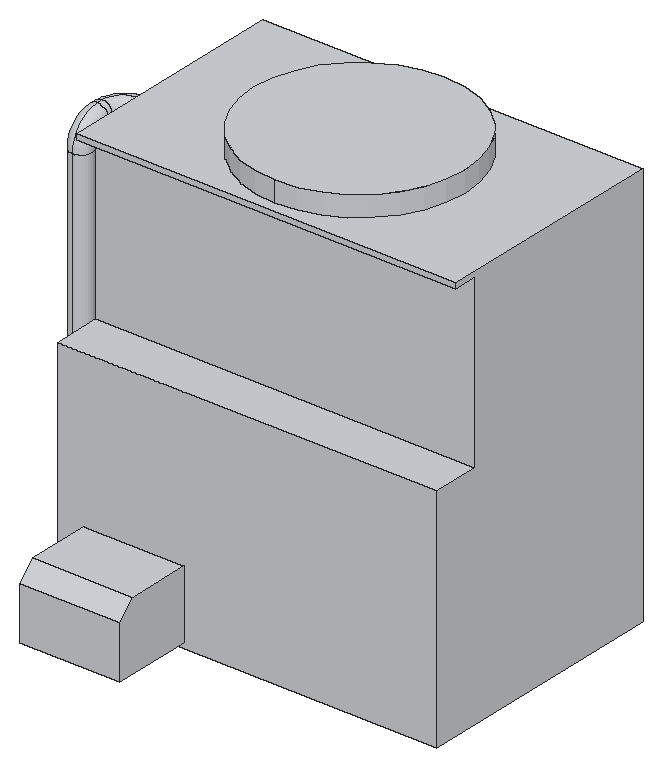
Revit family "M_Torre de resfriamento - Circuito fechado - Contra fluxo - 11-62 kW", category Equipamento mecânico, Revit 2019
Family settings
  Cota do conector redondo = Usar raio
  Tipo de parte = Normal
  Número OmniClass = 23.75.10.37.11
  Título OmniClass = Mechanical-Draft Cooling Towers
  ID de item do Seek = Cooling Tower - Closed Circuit - Counterflow - 11-62 kW-0000-CAN-ENU
  Com base no plano de trabalho = Não
  Sempre na vertical = Sim
  Corte com vazios quando carregada = Não
  Compartilhado = Não
  Ponto de cálculo do ambiente = Não
Parameters (values of type "11 kW")
  Voltagem = 460 V
  Visível 2 = no
  Visível 1 = yes
  Material da torre = none
  Comprimento da torre = 1825 mm
  Altura da torre = 2050 mm
  Queda de pressão da água composta [instance] = 0.0 Pa
  Classificação de carga = Refrigeração
  Queda de pressão da água da refrigeração [instance] = 138000.0 Pa
  Número de pólos = 3
  Número de ventiladores = 1
  Comprimento do motor = 385 mm
  HP do motor = 5.75
  Fluxo de água composto [instance] = 0.05 * Fluxo da água da refrigeração / 100  # 0.003785 L/s
  Raio da água composta = 25 mm
  Diâmetro da água composta = 2 * Raio da água composta  # 50 mm
  Comprimento 2 = Comprimento da torre / 3  # 608.333 mm
  Comprimento 1 = 330 mm
  Perda de calor [instance] = 10800 W
  Fluxo de ar do ventilador [instance] = 5710.0 L/s
  Raio da drenagem = 50 mm
  Diâmetro da drenagem = Raio da drenagem * 2  # 100 mm
  Distância 1 = 300 mm
  Raio da água da refrigeração = Diâmetro da água da refrigeração / 2  # 50 mm
  Fluxo da água da refrigeração [instance] = 7.57 L/s
  Diâmetro da água da refrigeração = 100 mm
  C1 Deslocamento 1 = 580 mm
  Carga aparente = 3600 VA
Types (14, lengths in mm): name | Visível 2 | Visível 1 | Comprimento da torre | Altura da torre | Queda de pressão da água da refrigeração | Número de ventiladores | Comprimento do motor | HP do motor | Fluxo de água composto | Comprimento 2 | Comprimento 1 | Perda de calor | Fluxo de ar do ventilador | Distância 1 | Fluxo da água da refrigeração | C1 Deslocamento 1 | Carga aparente
  (no name) | no | yes | 1825 | 2050 | 138000.0 Pa | 1 | 385 | 5.75 | 0.003785 L/s | 608.333 | 330 | 10800 W | 5710.0 L/s | 300 | 7.57 L/s | 580 | 3600 VA
  27 kW | yes | no | 2720 | 2430 | 172000.0 Pa | 2 | 380 | 11 | 0.0057 L/s | 906.667 | 330 | 27000 W | 9060.0 L/s | 495 | 11.4 L/s | 580 | 6890 VA
  30 kW | yes | no | 3650 | 2240 | 207000.0 Pa | 2 | 485 | 11.5 | 0.00775 L/s | 1216.667 | 380 | 30200 W | 11200.0 L/s | 495 | 15.5 L/s | 580 | 7200 VA
  31 kW | yes | no | 2720 | 2620 | 172000.0 Pa | 2 | 380 | 11 | 0.0057 L/s | 906.667 | 330 | 30500 W | 8870.0 L/s | 495 | 11.4 L/s | 580 | 6890 VA
  36 kW | yes | no | 3650 | 2430 | 207000.0 Pa | 2 | 485 | 16.5 | 0.00775 L/s | 1216.667 | 380 | 36300 W | 12300.0 L/s | 495 | 15.5 L/s | 580 | 10300 VA
  41 kW | yes | no | 3650 | 2620 | 207000.0 Pa | 2 | 485 | 16.5 | 0.00775 L/s | 1216.667 | 380 | 41000 W | 12400.0 L/s | 495 | 15.5 L/s | 580 | 10300 VA
  45 kW | yes | yes | 5485 | 2240 | 241000.0 Pa | 3 | 485 | 17 | 0.0115 L/s | 1828.333 | 300 | 45400 W | 16900.0 L/s | 875 | 23.0 L/s | 580 | 10700 VA
  55 kW | yes | yes | 5485 | 2430 | 241000.0 Pa | 3 | 485 | 22 | 0.0115 L/s | 1828.333 | 300 | 55000 W | 18200.0 L/s | 875 | 23.0 L/s | 580 | 13800 VA
  62 kW | yes | yes | 5485 | 2620 | 241000.0 Pa | 3 | 485 | 22 | 0.0115 L/s | 1828.333 | 300 | 61800 W | 17800.0 L/s | 875 | 23.0 L/s | 580 | 1380000 VA
  11 kW | no | yes | 1825 | 2050 | 138000.0 Pa | 1 | 385 | 5.75 | 0.003785 L/s | 608.333 | 330 | 10800 W | 5710.0 L/s | 300 | 7.57 L/s | 580 | 3600 VA
  15 kW | no | yes | 1825 | 2240 | 138000.0 Pa | 1 | 380 | 5.75 | 0.003785 L/s | 608.333 | 330 | 14700 W | 5620.0 L/s | 300 | 7.57 L/s | 600 | 3600 VA
  18 kW | no | yes | 1825 | 2430 | 138000.0 Pa | 1 | 380 | 5.75 | 0.003785 L/s | 608.333 | 330 | 17900 W | 5520.0 L/s | 300 | 7.57 L/s | 630 | 3600 VA
  20 kW | no | yes | 1825 | 2620 | 138000.0 Pa | 1 | 380 | 8.25 | 0.003785 L/s | 608.333 | 330 | 19900 W | 6180.0 L/s | 300 | 7.57 L/s | 660 | 5170 VA
  22 kW | yes | no | 2725 | 2240 | 172000.0 Pa | 2 | 380 | 8.5 | 0.0057 L/s | 908.333 | 330 | 22300 W | 8400.0 L/s | 495 | 11.4 L/s | 580 | 5330 VA
Reference planes
  plane 1 "Centro (Frente/Trás)": y = 0
  plane 2: z = 0
  plane 3 "Centro (Esquerda/Direita)": x = 0
  plane 4: y = 1235.075
  plane 5: x = 1825
  plane 6: z = 2050
  plane 7: z = 1104.9
  plane 8: z = 1926.175
  plane 9: z = 1951.575
  plane 10: y = 228.6
  plane 11: y = 114.3
  plane 12: x = 127
  plane 13: x = 608.333
  plane 14: y = -385
  plane 15: z = 25.4
  plane 16: z = 127
  plane 17: z = 76.2
  plane 18: z = 228.6
  plane 19: z = 279.4
  plane 20: z = 431.8
  plane 21: z = 609.6
  plane 22: z = 355.6
  plane 23 "1": y = 1133.475
  plane 24: y = 736.6
  plane 25: x = -50.8
  plane 26: x = -330
  plane 27 "2": x = -228.4
  plane 28: x = -126.8
  plane 29: y = 655.075
  plane 30: y = 426.475
  plane 31: y = 528.075
  plane 32: z = 457.2
  plane 33 "3": z = 1773.775
  plane 34: z = 1672.175
  plane 35: y = 674.687
  plane 36: y = 553.475
  plane 37: z = 1282.7
  plane 38: z = 1582.7
  plane 39: x = 456.25
  plane 40: x = 912.5
  plane 41: x = 1368.75
  plane 42: z = 977.9
  plane 43: x = 1698
  plane 44: z = 836.083
  plane 45: z = 694.267
  plane 46: z = 552.45
  plane 47: z = 410.633
  plane 48: z = 268.817
  plane 49: y = -308.8
  plane 50: z = 663.575
  plane 51: y = 1285.875
Forms (mm)
  Extrusion 1, solid, material <- "Material da torre"
    sketch origin (0, 0, 0) x (0, 1, 0) y (0, 0, 1)
      loop
        line (1235.075, 1951.575) -> (114.3, 1951.575) -> (114.3, 1926.175) -> (228.6, 1926.175) -> (228.6, 1104.9) -> (0, 1104.9) -> (0, 0) -> (1235.075, 0) -> (1235.075, 1951.575)
    from 1825 to 0
  Extrusion 2, solid, material <- "Material da torre", detail levels medium+fine
    sketch origin (0, 0, 0) x (1, 0, 0) y (0, 1, 0)
      loop
        circle (-228.4, 1133.475) r 101.6
    from 279.4 to 431.8
  Extrusion 3, solid, material <- "Material da torre", detail levels medium+fine
    sketch origin (0, 0, 0) x (1, 0, 0) y (0, 1, 0)
      loop
        circle (-228.4, 1133.475) r 76.2
    from 431.8 to 609.6
  Sweep 4, solid, material <- "Material da torre", detail levels medium+fine
    path in 3D
      loop
        line (-228.4, 1133.475, 279.4) -> (-228.4, 1133.475, 228.6)
        arc (-228.4, 1133.475, 228.6) -> (-198.642, 1133.475, 156.758) -> (-126.8, 1133.475, 127) r 101.6
        line (-126.8, 1133.475, 127) -> (0, 1133.475, 127)
    profile origin (-63.4, 1133.475, 127) x (0, 0, 1) y (0, -1, 0)
      loop
        circle (0, 0) r 50.8
  Sweep 5, solid, material <- "Material da torre", detail levels medium+fine
    path in 3D
      loop
        line (-228.4, 1133.475, 355.6) -> (-228.4, 528.075, 355.6)
        arc (-228.4, 528.075, 355.6) -> (-228.4, 456.233, 385.358) -> (-228.4, 426.475, 457.2) r 101.6
        line (-228.4, 426.475, 457.2) -> (-228.4, 426.475, 1672.175)
        arc (-228.4, 426.475, 1672.175) -> (-228.4, 456.233, 1744.017) -> (-228.4, 528.075, 1773.775) r 101.6
        line (-228.4, 528.075, 1773.775) -> (-228.4, 553.475, 1773.775)
        arc (-228.4, 553.475, 1773.775) -> (-198.642, 625.317, 1773.775) -> (-126.8, 655.075, 1773.775) r 101.6
        line (-126.8, 655.075, 1773.775) -> (0, 655.075, 1773.775)
    profile origin (-228.4, 830.775, 355.6) x (0, 0, -1) y (1, 0, 0)
      loop
        circle (0, 0) r 50.8
  Extrusion 6, solid, material <- "Material da torre"
    sketch origin (-228.4, 0, 0) x (0, 1, 0) y (0, 0, 1)
      loop
        circle (655.075, 1282.7) r 50
      loop
        circle (655.075, 1582.7) r 50
    from -101.6 to 228.4
  Extrusion 7, solid, material <- "Material da torre"
    sketch origin (-228.4, 0, 0) x (0, 1, 0) y (0, 0, 1)
      loop
        circle (736.6, 76.2) r 50
    from 177.6 to 228.4
  Extrusion 8, solid, material <- "Material da torre"
    sketch origin (-228.4, 0, 0) x (0, 1, 0) y (0, 0, 1)
      loop
        line (0, 355.6) -> (-308.8, 355.6) -> (-385, 279.4) -> (-385, 25.4) -> (0, 25.4) -> (0, 355.6)
    from 355.4 to 836.733
  Extrusion 9, solid, material <- "Material da torre"
    sketch origin (0, 0, 0) x (1, 0, 0) y (0, 0, 1)
      loop
        circle (127, 663.575) r 25
      loop
        circle (456.25, 836.083) r 228.6
    from -1235.075 to -1285.875
  Extrusion 10, solid, material <- "Material da torre", visible <- "Visível 2"
    sketch origin (0, 0, 1773.775) x (0, 1, 0) y (-1, 0, 0)
      loop
        circle (674.687, -456.25) r 508
    from 177.8 to 276.225
  Extrusion 11, solid, material <- "Material da torre", visible <- "Visível 2"
    sketch origin (0, 0, 1773.775) x (0, 1, 0) y (-1, 0, 0)
      loop
        circle (674.687, -1368.75) r 508
    from 177.8 to 276.225
  Extrusion 12, solid, material <- "Material da torre", visible <- "Visível 1"
    sketch origin (0, 0, 1773.775) x (0, 1, 0) y (-1, 0, 0)
      loop
        circle (674.687, -912.5) r 508
    from 177.8 to 276.225
Cuts and joins
  joined: Extrusion 2, Extrusion 3, Sweep 4, Sweep 5
  joined: Extrusion 1, Extrusion 6, Extrusion 7, Extrusion 8, Extrusion 9
Lines and regions (mm)
  reference lines
    curve 1: line (-228.4, 1133.475, 279.4) -> (-228.4, 1133.475, 228.6)
    curve 2: line (-126.8, 1133.475, 127) -> (0, 1133.475, 127)
    curve 3: arc (-228.4, 1133.475, 228.6) -> (-198.642, 1133.475, 156.758) -> (-126.8, 1133.475, 127) r 101.6
    curve 7: line (-228.4, 1133.475, 355.6) -> (-228.4, 528.075, 355.6)
    curve 8: arc (-228.4, 528.075, 355.6) -> (-228.4, 456.233, 385.358) -> (-228.4, 426.475, 457.2) r 101.6
    curve 9: line (-228.4, 426.475, 457.2) -> (-228.4, 426.475, 1672.175)
    curve 10: arc (-228.4, 426.475, 1672.175) -> (-228.4, 456.233, 1744.017) -> (-228.4, 528.075, 1773.775) r 101.6
    curve 11: line (-228.4, 528.075, 1773.775) -> (-228.4, 553.475, 1773.775)
    curve 12: arc (-228.4, 553.475, 1773.775) -> (-198.642, 625.317, 1773.775) -> (-126.8, 655.075, 1773.775) r 101.6
    curve 13: line (-126.8, 655.075, 1773.775) -> (0, 655.075, 1773.775)
  sketch lines
    curve 4: line (-126.8, 1133.475, 127) -> (0, 1133.475, 127)
    curve 5: arc (-228.4, 1133.475, 228.6) -> (-198.642, 1133.475, 156.758) -> (-126.8, 1133.475, 127) r 101.6
    curve 6: line (-228.4, 1133.475, 279.4) -> (-228.4, 1133.475, 228.6)
    curve 14: line (-228.4, 1133.475, 355.6) -> (-228.4, 528.075, 355.6)
    curve 15: arc (-228.4, 528.075, 355.6) -> (-228.4, 456.233, 385.358) -> (-228.4, 426.475, 457.2) r 101.6
    curve 16: line (-228.4, 426.475, 457.2) -> (-228.4, 426.475, 1672.175)
    curve 17: arc (-228.4, 426.475, 1672.175) -> (-228.4, 456.233, 1744.017) -> (-228.4, 528.075, 1773.775) r 101.6
    curve 18: arc (-228.4, 553.475, 1773.775) -> (-198.642, 625.317, 1773.775) -> (-126.8, 655.075, 1773.775) r 101.6
    curve 19: line (-126.8, 655.075, 1773.775) -> (0, 655.075, 1773.775)
    curve 20: line (-228.4, 528.075, 1773.775) -> (-228.4, 553.475, 1773.775)
  model lines, detail levels medium+fine
    curve 21: line (127, 0, 977.9) -> (1698, 0, 977.9)
    curve 22: line (127, 0, 127) -> (127, 0, 977.9)
    curve 23: line (1698, 0, 127) -> (127, 0, 127)
    curve 24: line (1698, 0, 977.9) -> (1698, 0, 127)
    curve 25: line (127, 0, 836.083) -> (1698, 0, 836.083)
    curve 26: line (1698, 0, 694.267) -> (127, 0, 694.267)
    curve 27: line (1698, 0, 552.45) -> (127, 0, 552.45)
    curve 28: line (1698, 0, 410.633) -> (127, 0, 410.633)
    curve 29: line (1698, 0, 268.817) -> (127, 0, 268.817)
Dimensions and locks
  "Comprimento da torre": plane 3 "Centro (Esquerda/Direita)" to plane 5
  locked: plane 1 "Centro (Frente/Trás)" to plane 4 at 1235.075
  "Altura da torre": plane 6 to plane 2
  locked: plane 7 to plane 2 at 1104.9
  locked: plane 6 to plane 8 at 123.825
  locked: plane 9 to plane 8 at 25.4
  locked: plane 10 to plane 1 "Centro (Frente/Trás)" at 228.6
  equal spacing: plane 1 "Centro (Frente/Trás)", plane 11, plane 10
  locked: plane 3 "Centro (Esquerda/Direita)" to plane 12 at 127
  "Comprimento 2": plane 3 "Centro (Esquerda/Direita)" to plane 13
  "Comprimento do motor": plane 1 "Centro (Frente/Trás)" to plane 14
  locked: plane 15 to plane 2 at 25.4
  locked: plane 16 to plane 2 at 127
  locked: plane 16 to plane 17 at 50.8
  locked: plane 18 to plane 16 at 101.6
  locked: plane 19 to plane 18 at 50.8
  locked: plane 20 to plane 19 at 152.4
  locked: plane 21 to plane 20 at 177.8
  equal spacing: plane 20, plane 22, plane 19
  locked: plane 4 to plane 23 "1" at 101.6
  locked: plane 4 to plane 24 at 498.475
  locked: plane 25 to plane 3 "Centro (Esquerda/Direita)" at 50.8
  "Comprimento 1": plane 26 to plane 3 "Centro (Esquerda/Direita)"
  locked: plane 26 to plane 27 "2" at 101.6
  locked: plane 27 "2" to plane 28 at 101.6
  "C1 Deslocamento 1": plane 4 to plane 29
  locked: plane 29 to plane 30 at 228.6
  locked: plane 31 to plane 30 at 101.6
  locked: plane 32 to plane 22 at 101.6
  locked: plane 8 to plane 33 "3" at 152.4
  locked: plane 33 "3" to plane 34 at 101.6
  equal spacing: plane 4, plane 35, plane 11
  locked: plane 29 to plane 36 at 101.6
  locked: plane 37 to plane 7 at 177.8
  "Distância 1": plane 38 to plane 37
  equal spacing: plane 3 "Centro (Esquerda/Direita)", plane 39, plane 40, plane 41, plane 5
  locked: plane 43 to plane 5 at 127
  locked: plane 7 to plane 42 at 127
  equal spacing: plane 42, plane 44, plane 45, plane 46, plane 47, plane 48, plane 16
  locked: plane 49 to plane 14 at 76.2
  locked: plane 50 to plane 2 at 663.575
  locked: plane 51 to plane 4 at 50.8
  radius of Extrusion 2 sketch curve = 101.6 mm
  radius of Extrusion 3 sketch curve = 76.2 mm
  radius of curve 3 = 101.6 mm
  radius of Sweep 4 sketch curve = 50.8 mm
  radius of curve 8 = 101.6 mm
  radius of curve 10 = 101.6 mm
  radius of curve 12 = 101.6 mm
  radius of Sweep 5 sketch curve = 50.8 mm
  "Raio da água da refrigeração": radius of Extrusion 6 sketch curve  (x2)
  "Raio da drenagem": radius of Extrusion 7 sketch curve
  "Raio da água composta": radius of Extrusion 9 sketch curve
  radius of Extrusion 9 sketch curve = 228.6 mm
  radius of Extrusion 10 sketch curve = 508 mm
  radius of Extrusion 11 sketch curve = 508 mm
  radius of Extrusion 12 sketch curve = 508 mm
  aligned and locked: plane 4 to Extrusion 1 sketch curve
  aligned and locked: Extrusion 1 sketch curve to plane 8
  aligned and locked: Extrusion 1 sketch curve to plane 10
  aligned and locked: plane 7 to Extrusion 1 sketch curve
  aligned and locked: plane 1 "Centro (Frente/Trás)" to Extrusion 1 sketch curve
  aligned and locked: Extrusion 1 sketch curve to plane 2
  aligned and locked: plane 5 to Extrusion 1
  aligned and locked: Extrusion 1 to plane 3 "Centro (Esquerda/Direita)"
  aligned and locked: plane 11 to Extrusion 1 sketch curve
  aligned and locked: plane 27 "2" to Extrusion 2 sketch curve
  aligned and locked: plane 23 "1" to Extrusion 2 sketch curve
  aligned and locked: plane 20 to Extrusion 2
  aligned and locked: Extrusion 2 to plane 19
  aligned and locked: plane 27 "2" to Extrusion 3 sketch curve
  aligned and locked: plane 23 "1" to Extrusion 3 sketch curve
  aligned and locked: Extrusion 3 to plane 21
  aligned and locked: Extrusion 3 to plane 20
  aligned and locked: plane 28 to curve 3
  aligned and locked: plane 18 to curve 3
  aligned and locked: plane 31 to curve 8
  aligned and locked: plane 32 to curve 8
  aligned and locked: plane 31 to curve 10
  aligned and locked: plane 34 to curve 10
  aligned and locked: plane 29 to Extrusion 6 sketch curve  (x2)
  aligned and locked: plane 37 to Extrusion 6 sketch curve
  aligned and locked: plane 38 to Extrusion 6 sketch curve
  aligned and locked: Extrusion 6 to plane 26
  aligned and locked: plane 3 "Centro (Esquerda/Direita)" to Extrusion 6
  aligned and locked: plane 24 to Extrusion 7 sketch curve
  aligned and locked: plane 17 to Extrusion 7 sketch curve
  aligned and locked: Extrusion 7 to plane 25
  aligned and locked: plane 3 "Centro (Esquerda/Direita)" to Extrusion 7
  aligned and locked: plane 12 to curve 21
  aligned and locked: curve 21 to plane 42
  aligned and locked: plane 16 to curve 24
  aligned and locked: curve 24 to plane 43
  aligned and locked: curve 24 to curve 26
  aligned and locked: curve 26 to plane 45
  aligned and locked: plane 46 to curve 27
  aligned and locked: curve 28 to plane 47
  aligned and locked: plane 48 to curve 29
  aligned and locked: plane 1 "Centro (Frente/Trás)" to Extrusion 8 sketch curve
  aligned and locked: Extrusion 8 sketch curve to plane 22
  aligned and locked: Extrusion 8 sketch curve to plane 14
  aligned and locked: plane 15 to Extrusion 8 sketch curve
  aligned and locked: plane 19 to Extrusion 8 sketch curve
  aligned and locked: plane 49 to Extrusion 8 sketch curve
  aligned and locked: plane 13 to Extrusion 8
  aligned and locked: Extrusion 8 to plane 12
  aligned and locked: plane 50 to Extrusion 9 sketch curve
  aligned and locked: plane 12 to Extrusion 9 sketch curve
  aligned and locked: plane 39 to Extrusion 9 sketch curve
  aligned and locked: plane 44 to Extrusion 9 sketch curve
  aligned and locked: plane 51 to Extrusion 9
  aligned and locked: Extrusion 9 to plane 4
  aligned and locked: plane 39 to Extrusion 10 sketch curve
  aligned and locked: plane 35 to Extrusion 10 sketch curve
  aligned and locked: plane 41 to Extrusion 11 sketch curve
  aligned and locked: plane 35 to Extrusion 11 sketch curve
  aligned and locked: plane 40 to Extrusion 12 sketch curve
  aligned and locked: plane 35 to Extrusion 12 sketch curve
  aligned and locked: plane 6 to Extrusion 10
  aligned and locked: Extrusion 10 to plane 9
  aligned and locked: plane 6 to Extrusion 12
  aligned and locked: Extrusion 12 to plane 9
  aligned and locked: plane 6 to Extrusion 11
  aligned and locked: Extrusion 11 to plane 9
Automatic sketch dimensions
  Extrusion 1 sketch curve to plane 9 = 0 mm
  curve 2 to plane 3 "Centro (Esquerda/Direita)" = 0 mm
  curve 1 to plane 19 = 0 mm
  Sweep 4 sketch curve to profile plane = 0 mm  (x2)
  curve 11 to plane 36 = 0 mm
  curve 7 to plane 23 "1" = 0 mm
  curve 12 to plane 27 "2" = 0 mm
  curve 12 to plane 36 = 0 mm
  curve 13 to plane 3 "Centro (Esquerda/Direita)" = 0 mm
  Sweep 5 sketch curve to profile plane = 0 mm  (x2)
  curve 25 to plane 44 = 0 mm
Connectors
  piping at (-330, 655.075, 1582.7), diameter 100, driven by "Raio da água da refrigeração", driven by "Queda de pressão da água da refrigeração", driven by "Fluxo da água da refrigeração"
    settings: on cut or joined group of Extrusion 1, Extrusion 6, Extrusion 7, Extrusion 8, Extrusion 9, index 1, connector inside diameter 100 mm, connector length 0 mm, flow factor 0, pipe flow 7.57 L/s, pressure drop 138000.0 Pa, fitting loss kfactor 0, connector angle 0.00°, fixture units 0, engagement length 0 mm, angle of deflection 0.00°, flow configuration 0, flow direction 2, fitting loss method 4, system type 7, joint type 0, gender type 0, connector reference index 2, connector utility 0, adjustable connector no, is connector primary yes, connector description "Saída de água do condensador"
  piping at (-330, 655.075, 1282.7), diameter 100, driven by "Fluxo da água da refrigeração", driven by "Raio da água da refrigeração"
    settings: on cut or joined group of Extrusion 1, Extrusion 6, Extrusion 7, Extrusion 8, Extrusion 9, index 2, connector inside diameter 100 mm, connector length 0 mm, flow factor 0, pipe flow 7.57 L/s, pressure drop 0.0 Pa, fitting loss kfactor 0, connector angle 0.00°, fixture units 0, engagement length 0 mm, angle of deflection 0.00°, flow configuration 0, flow direction 1, fitting loss method 0, system type 8, joint type 0, gender type 0, connector reference index 1, connector utility 0, adjustable connector no, is connector primary no, connector description "Entrada de água do condensador"
  piping at (127, 1285.875, 663.575), diameter 50, driven by "Raio da água composta", driven by "Fluxo de água composto", driven by "Queda de pressão da água composta"
    settings: on cut or joined group of Extrusion 1, Extrusion 6, Extrusion 7, Extrusion 8, Extrusion 9, index 3, connector inside diameter 50 mm, connector length 0 mm, flow factor 0, pipe flow 0.003785 L/s, pressure drop 0.0 Pa, fitting loss kfactor 0, connector angle 0.00°, fixture units 0, engagement length 0 mm, angle of deflection 0.00°, flow configuration 1, flow direction 1, fitting loss method 4, system type 20, joint type 0, gender type 0, connector reference index -1, connector utility 0, adjustable connector no, is connector primary no, connector description "Entrada de água composta"
  piping at (-50.8, 736.6, 76.2), diameter 100, driven by "Raio da drenagem"
    settings: on cut or joined group of Extrusion 1, Extrusion 6, Extrusion 7, Extrusion 8, Extrusion 9, index 4, connector inside diameter 100 mm, connector length 0 mm, flow factor 0, pipe flow 0.0 L/s, pressure drop 0.0 Pa, fitting loss kfactor 0, connector angle 0.00°, fixture units 0, engagement length 0 mm, angle of deflection 0.00°, flow configuration 1, flow direction 2, fitting loss method 0, system type 16, joint type 0, gender type 0, connector reference index -1, connector utility 0, adjustable connector yes, is connector primary no, connector description "Saída da drenagem"
  electrical at (127, -215.76, 208.28), driven by "Carga aparente", driven by "Voltagem", driven by "Número de pólos", driven by "Classificação de carga"
    settings: on cut or joined group of Extrusion 1, Extrusion 6, Extrusion 7, Extrusion 8, Extrusion 9, index 5, voltage 460 V, apparent load 3600 VA, apparent load phase1 0 VA, apparent load phase2 0 VA, apparent load phase3 0 VA, power factor 0.8, load classification "Refrigeração", number of poles 3, system type 30, power factor state 1, is connector primary yes, connector utility no, sub classification motor no, connector description ""
